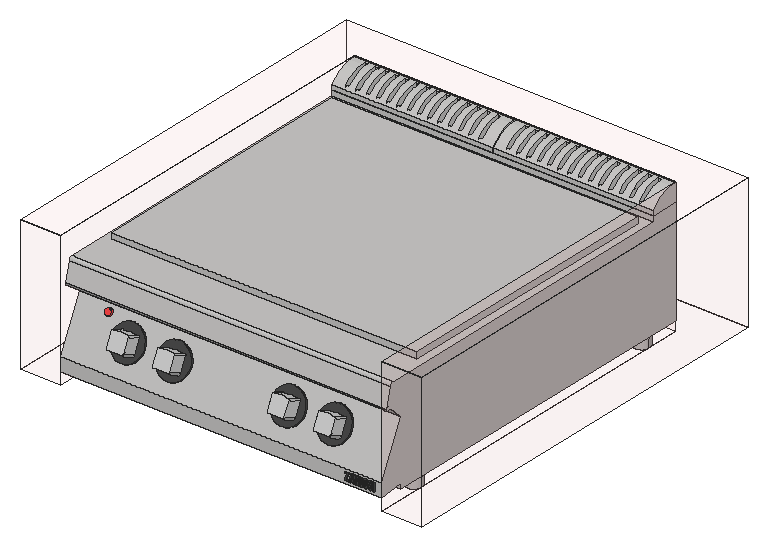
Revit family "QF_ZANUSSI_392047_Z9HOEH4000", category Attrezzature speciali, Revit 2020
Family settings
  Quota connettore circolare = Usa diametro
  Tipo di parte = Normale
  Basato su piano di lavoro = No
  Sempre verticale = Sì
  Taglio con vuoti quando caricato = No
  Condiviso = No
  Punto di calcolo locali = No
Parameters (values of type "Standard")
  Weight = 105.00 kg
  Watts = 14000 W
  Volts = 380 V
  URL Manufacturer = "http://www.zanussiprofessional.com"
  URL = "http://www.zanussiprofessional.com"
  Steam Supply Size = 0 mm
  Steam Supply Minimum Pressure = 0.0 Pa
  Steam Supply Maximum Pressure = 0.0 Pa
  Steam Consumption per Hour = 0
  Show Logo [instance] = yes
  Show Clearance [instance] = yes
  Refrigeration Suction Line Size = 0 mm
  Refrigeration Liquid Line Size = 0 mm
  Refrigerant Compressor Remote = yes
  Prospetto di default = 0 mm
  Produttore = "Zanussi"
  Phase = 3
  Modello = "Z9HOEH4000"
  Length Actual = 800 mm  # constant formula
  Item Number = "392047"
  Hot Water Size = 0 mm
  Height Actual = 250 mm  # constant formula
  HP = "18.8 HP"
  Gas Size = 0 mm
  Gas KW = 0
  Gas Input Pressure = 0 W
  Direct Waste Size = 0 mm
  Descrizione = "ELECTRIC HOB COOKING TOP 800MM"
  Depth Actual = 900 mm  # constant formula
  Cycle = 50 Hz
  Condensate Return Size = 0 mm
  Compressed Air Volume = 0.0 L/s
  Compressed Air Size = 0 mm
  Compressed Air Pressure = 0.0 Pa
  Cold Water Size = 0 mm
  Accessory = yes
Reference planes
  plane 1 "Back": y = 0
  plane 2: z = 0
  plane 3 "Left": x = 0
  plane 4: x = 800
  plane 5: z = 275
  plane 6: x = 900
  plane 7: x = -100
  plane 8: y = 100
  plane 9: x = 400
  plane 10: y = -915
  plane 11: y = -82
  plane 12: y = -790
Forms (mm)
  Extrusion 1, solid, material "QF_Finishes_Clearance", visible <- "Show Clearance"
    sketch origin (0, 0, 0) x (1, 0, 0) y (0, 1, 0)
      loop
        line (-100, -915) -> (0, -915) -> (0, 0) -> (800, 0) -> (800, -915) -> (900, -915) -> (900, 100) -> (-100, 100) -> (-100, -915)
    from 0 to 335
  Extrusion 2, solid, material "QF_Finishes_Stainless Steel"
    sketch origin (1049.332, -562.286, 22) x (1, 0, 0) y (0, 1, 0)
      loop
        line (-302.282, -132.714) -> (-302.282, -152.714) -> (-282.282, -152.714) -> (-282.282, -132.714) -> (-302.282, -132.714)
    from 0 to 2
  Extrusion 3, solid, material "QF_Finishes_Stainless Steel"
    sketch origin (1049.282, 22.714, 22) x (1, 0, 0) y (0, 1, 0)
      loop
        line (-302.282, -132.714) -> (-302.282, -152.714) -> (-282.282, -152.714) -> (-282.282, -132.714) -> (-302.282, -132.714)
    from 0 to 2
  Extrusion 4, solid, material "QF_Finishes_Stainless Steel"
    sketch origin (0, 0, 1) x (0, 1, 0) y (0, 0, 1)
      loop
        line (0, 23) -> (0, 289) -> (-69.85, 289) -> (-69.85, 274) -> (-879.358, 274)
        arc (-879.358, 274) -> (-884.643, 271.811) -> (-886.833, 266.526) r 7.474
        line (-886.833, 266.526) -> (-899.884, 221.011)
        arc (-899.884, 221.011) -> (-899.396, 218.379) -> (-897, 217.184) r 3
        line (-897, 217.184) -> (-886.802, 217.184) -> (-854.982, 185.364) -> (-915, 64.508) -> (-915, 29.508) -> (-858.645, 37.428)
        arc (-858.645, 37.428) -> (-856.101, 36.674) -> (-855, 34.259) r 3.2
        line (-855, 34.259) -> (-855, 23) -> (0, 23)
    from 0 to 800
  Extrusion 5, solid, material "QF_Finishes_Stainless Steel"
    sketch origin (0, 0, 1) x (0, 1, 0) y (0, 0, 1)
      loop
        line (-94.954, 274) -> (-94.954, 289) -> (-779.954, 289) -> (-779.954, 274) -> (-94.954, 274)
    from 20 to 780
Dimensions and locks
  plane 3 "Left" to plane 4 = 800 mm
  plane 5 to level = 275 mm
  plane 1 "Back" to plane 8 = 100 mm
  plane 4 to plane 6 = 100 mm
  plane 7 to plane 3 "Left" = 100 mm
  Extrusion 1 to Extrusion 1 = 800 mm
  equal spacing: plane 3 "Left", plane 9, plane 4
  Extrusion 1 to Extrusion 4 sketch curve = 915 mm
  plane 10 to plane 1 "Back" = 915 mm
  plane 1 "Back" to plane 11 to plane 12 to plane 10 = 82 mm, 708 mm, 125 mm
  aligned and locked: level to plane 2
Automatic sketch dimensions
  Extrusion 1 sketch curve to plane 7 = 0 mm
  Extrusion 1 sketch curve to plane 3 "Left" = 0 mm
  plane 1 "Back" to Extrusion 1 sketch curve = 0 mm
  Extrusion 1 sketch curve to plane 4 = 0 mm
  Extrusion 1 sketch curve to plane 6 = 0 mm
  Extrusion 1 sketch curve to plane 8 = 0 mm
  plane 4 to Extrusion 3 sketch curve = 33 mm
  Extrusion 3 sketch curve to Extrusion 3 sketch curve = 20 mm  (x2)
  plane 5 to Extrusion 4 sketch curve = 0 mm
  Extrusion 4 sketch curve to plane 1 "Back" = 0 mm
  Extrusion 4 sketch curve to Extrusion 4 sketch curve = 2.884 mm
  Extrusion 4 sketch curve to Extrusion 4 sketch curve = 0.445 mm
  Extrusion 4 sketch curve to Extrusion 4 sketch curve = 3.2 mm
  plane 1 "Back" to Extrusion 4 sketch curve = 69.85 mm
  Extrusion 4 sketch curve to Extrusion 4 sketch curve = 45.515 mm
  Extrusion 4 sketch curve to Extrusion 4 sketch curve = 0.827 mm
  Extrusion 4 sketch curve to Extrusion 4 sketch curve = 31.82 mm  (x2)
  level to Extrusion 4 sketch curve = 65.508 mm
  level to Extrusion 4 sketch curve = 38.428 mm
  level to Extrusion 4 sketch curve = 30.508 mm
  Extrusion 4 sketch curve to Extrusion 4 sketch curve = 11.259 mm
  Extrusion 4 sketch curve to plane 5 = 15 mm
  plane 4 to Extrusion 2 sketch curve = 52.95 mm
  Extrusion 2 sketch curve to Extrusion 2 sketch curve = 20 mm  (x2)
  plane 5 to Extrusion 4 sketch curve = 7.474 mm
  Extrusion 4 sketch curve to Extrusion 4 sketch curve = 13.051 mm
  Extrusion 4 sketch curve to Extrusion 4 sketch curve = 10.198 mm
  Extrusion 4 sketch curve to Extrusion 4 sketch curve = 56.355 mm
  plane 1 "Back" to Extrusion 3 sketch curve = 130 mm
  plane 1 "Back" to Extrusion 1 sketch curve = 915 mm  (x2)
  plane 1 "Back" to Extrusion 2 sketch curve = 715 mm
  Extrusion 4 sketch curve to Extrusion 4 sketch curve = 15.116 mm
  Extrusion 5 sketch curve to plane 5 = 0 mm
  plane 12 to Extrusion 5 sketch curve = 10.046 mm
  Extrusion 5 sketch curve to plane 11 = 12.954 mm
  Extrusion 5 sketch curve to plane 5 = 15 mm
Nested families
  nested 1: "ZANUSSI_Logo" at (749.92, -915, 98) x (1, 0, 0) z (0, -1, 0), Show Logo <- "Show Logo", visible <- "Show Logo", type "ZANUSSI_Logo"
    with Show Logo yes
  nested 2: "Piedino 24x19 mm" at (20, -82, 0), type "Piedino 24x19 mm"
  nested 3: "Piedino 24x19 mm" at (20, -790, 0), type "Piedino 24x19 mm"
  nested 4: "Uscita_Fumi" at (200, -34.925, 290), type "Uscita_Fumi"
  nested 5: "CONTROLLER_XP-ZAN" at (193.54, -882.317, 131.321) x (1, 0, 0) z (0, -0.8956, 0.4448), type "CONTROLLER_XP-ZAN"
  nested 6: "CONTROLLER_XP-ZAN" at (206.46, -882.317, 131.321) x (-1, 0, 0) z (0, -0.8956, 0.4448), type "CONTROLLER_XP-ZAN"
  nested 7: "Uscita_Fumi" at (600.1, -34.925, 290) x (-1, 0, 0) z (0, 0, 1), type "Uscita_Fumi"
  nested 8: "Piedino 24x19 mm" at (780, -82, 0) x (-1, 0, 0) z (0, 0, 1), type "Piedino 24x19 mm"
  nested 9: "Piedino 24x19 mm" at (780, -790, 0) x (-1, 0, 0) z (0, 0, 1), type "Piedino 24x19 mm"
  nested 10: "CONTROLLER_XP-ZAN" at (606.46, -882.317, 131.321) x (-1, 0, 0) z (0, -0.8956, 0.4448), type "CONTROLLER_XP-ZAN"
  nested 11: "CONTROLLER_XP-ZAN" at (593.54, -882.317, 131.321) x (1, 0, 0) z (0, -0.8956, 0.4448), type "CONTROLLER_XP-ZAN"
  nested 12: "SPIA_RED" at (80, -863.153, 169.91) x (1, 0, 0) z (0, -0.8956, 0.4448), type "SPIA_RED"
Connectors
  electrical at (757.05, -705, 22), driven by "Volts"
    settings: on Extrusion 2, index 11, voltage 380 V, apparent load 0 VA, apparent load phase1 0 VA, apparent load phase2 0 VA, apparent load phase3 0 VA, power factor 1, load classification "Altro", number of poles 1, system type 30, power factor state 1, is connector primary yes, connector utility no, sub classification motor no, connector description "Electrical Connection"
  electrical at (757, -120, 22), driven by "Volts"
    settings: on Extrusion 3, index 13, voltage 380 V, apparent load 0 VA, apparent load phase1 0 VA, apparent load phase2 0 VA, apparent load phase3 0 VA, power factor 1, load classification "Altro", number of poles 1, system type 30, power factor state 1, is connector primary no, connector utility no, sub classification motor no, connector description "Electrical Connection"
Definition of nested family "ZANUSSI_Logo"
  Parameters (values of type "ZANUSSI_Logo")
    Show Logo [instance] = yes
    Default Elevation = 1219.2 mm
  Reference planes
    plane 1 "Center (Front/Back)": y = -49
    plane 2: z = 0
    plane 3 "Center (Left/Right)": x = -9.92
  Forms (mm)
    Extrusion 1, solid
      sketch origin (0, 0, 0) x (1, 0, 0) y (0, 1, 0)
        loop
          line (-1219.2, 1219.2) -> (-1219.2, -1219.2) -> (1219.2, -1219.2) -> (1219.2, 1219.2) -> (-1219.2, 1219.2)
      from 0 to -304.8
    Extrusion 2, solid, visible <- "Show Logo"
      sketch origin (106.353, -215.165, -50) x (1, 0, 0) y (0, 1, 0)
        loop
          line (-137.419, 156.48) -> (-137.419, 160.444) -> (-143.365, 160.444) -> (-137.419, 172.566) -> (-137.419, 175.851) -> (-147.274, 175.851) -> (-147.274, 172.226) -> (-142.063, 172.339) -> (-147.728, 160.444) -> (-147.728, 156.48) -> (-137.419, 156.48)
        loop
          line (-131.729, 163.73) -> (-129.463, 163.73) -> (-130.596, 172.54) -> (-131.729, 163.73)
        loop
          line (-132.748, 156.48) -> (-132.182, 160.218) -> (-128.897, 160.218) -> (-128.33, 156.48) -> (-124.252, 156.48) -> (-127.877, 175.851) -> (-133.315, 175.851) -> (-136.826, 156.48) -> (-132.748, 156.48)
        loop
          line (-123.75, 175.851) -> (-123.75, 156.48) -> (-120.238, 156.48) -> (-120.238, 169.281) -> (-116.953, 156.48) -> (-112.648, 156.48) -> (-112.648, 175.851) -> (-116.273, 175.851) -> (-116.273, 163.503) -> (-119.558, 175.851) -> (-123.75, 175.851)
        loop
          arc (-111.742, 161.27) -> (-106.896, 156.448) -> (-101.433, 160.558) r 5.22
          line (-101.433, 160.558) -> (-101.433, 175.851) -> (-105.398, 175.851) -> (-105.398, 161.464)
          arc (-105.398, 161.464) -> (-106.44, 160.263) -> (-107.777, 161.124) r 1.214
          line (-107.777, 161.124) -> (-107.777, 175.851) -> (-111.742, 175.851) -> (-111.742, 161.27)
        loop
          line (-94.069, 169.734) -> (-90.331, 169.734) -> (-90.269, 171.495)
          arc (-90.269, 171.495) -> (-90.53, 173.458) -> (-91.761, 175.009) r 3.719
          arc (-91.761, 175.009) -> (-95.38, 176.189) -> (-98.998, 175.009) r 6.139
          arc (-98.998, 175.009) -> (-100.474, 172.145) -> (-100.291, 168.927) r 6.125
          arc (-100.291, 168.927) -> (-99.079, 167.149) -> (-97.591, 165.594) r 13.068
          line (-97.591, 165.594) -> (-95.921, 164.113)
          arc (-95.921, 164.113) -> (-94.934, 163.275) -> (-94.167, 162.233) r 5.571
          arc (-94.167, 162.233) -> (-94.357, 160.41) -> (-96.143, 160.003) r 1.573
          arc (-96.143, 160.003) -> (-96.681, 160.547) -> (-96.911, 161.277) r 1.631
          arc (-96.911, 161.277) -> (-96.929, 161.791) -> (-96.911, 162.305) r 7.441
          arc (-96.911, 162.305) -> (-96.895, 162.791) -> (-96.911, 163.277) r 7.03
          line (-96.911, 163.277) -> (-100.866, 163.277)
          arc (-100.866, 163.277) -> (-100.828, 160.504) -> (-99.735, 157.955) r 7.131
          arc (-99.735, 157.955) -> (-94.571, 156.484) -> (-90.221, 159.633) r 6.148
          arc (-90.221, 159.633) -> (-90.141, 162.884) -> (-91.536, 165.823) r 7.021
          line (-91.536, 165.823) -> (-95.882, 169.734)
          arc (-95.882, 169.734) -> (-96.47, 170.472) -> (-96.785, 171.362) r 2.858
          arc (-96.785, 171.362) -> (-95.666, 172.959) -> (-94.069, 171.84) r 1.379
          line (-94.069, 171.84) -> (-94.069, 169.734)
        loop
          line (-82.771, 169.734) -> (-79.033, 169.734) -> (-78.971, 171.495)
          arc (-78.971, 171.495) -> (-79.232, 173.458) -> (-80.463, 175.009) r 3.719
          arc (-80.463, 175.009) -> (-84.081, 176.189) -> (-87.7, 175.009) r 6.139
          arc (-87.7, 175.009) -> (-89.175, 172.145) -> (-88.993, 168.927) r 6.125
          arc (-88.993, 168.927) -> (-87.781, 167.149) -> (-86.293, 165.594) r 13.068
          line (-86.293, 165.594) -> (-84.623, 164.113)
          arc (-84.623, 164.113) -> (-83.636, 163.275) -> (-82.869, 162.233) r 5.571
          arc (-82.869, 162.233) -> (-83.059, 160.41) -> (-84.845, 160.003) r 1.573
          arc (-84.845, 160.003) -> (-85.383, 160.547) -> (-85.613, 161.277) r 1.631
          arc (-85.613, 161.277) -> (-85.631, 161.791) -> (-85.613, 162.305) r 7.441
          arc (-85.613, 162.305) -> (-85.596, 162.791) -> (-85.613, 163.277) r 7.03
          line (-85.613, 163.277) -> (-89.568, 163.277)
          arc (-89.568, 163.277) -> (-89.53, 160.504) -> (-88.437, 157.955) r 7.131
          arc (-88.437, 157.955) -> (-83.272, 156.484) -> (-78.922, 159.633) r 6.148
          arc (-78.922, 159.633) -> (-78.843, 162.884) -> (-80.238, 165.823) r 7.021
          line (-80.238, 165.823) -> (-84.584, 169.734)
          arc (-84.584, 169.734) -> (-85.171, 170.472) -> (-85.486, 171.362) r 2.858
          arc (-85.486, 171.362) -> (-84.368, 172.959) -> (-82.771, 171.84) r 1.379
          line (-82.771, 171.84) -> (-82.771, 169.734)
        loop
          line (-78.21, 175.851) -> (-78.21, 156.48) -> (-74.245, 156.48) -> (-74.245, 175.851) -> (-78.21, 175.851)
      from 50 to 51.6
  Dimensions and locks
    aligned and locked: plane 2 to Extrusion 1
    aligned and locked: level to Extrusion 1
Definition of nested family "Piedino 24x19 mm"
  Parameters (values of type "Piedino 24x19 mm")
    Default Elevation = 0 mm
    P = 930 mm
    L = 400 mm
    H = 290 mm
  Reference planes
    plane 1: y = 0
    plane 2: z = 0
    plane 3: x = 0
    plane 4: z = 290
    plane 5: z = 24
    plane 6: z = 55
  Forms (mm)
    Extrusion 1, solid
      sketch origin (-373.847, 979.72, 0) x (1, 0, 0) y (0, 1, 0)
        loop
          circle (373.847, -979.72) r 19
      from 0 to 24
  Dimensions and locks
    "H": plane 4 to level
    plane 4 to plane 5 to level = 266 mm, 24 mm
    level to plane 6 = 55 mm
    aligned and locked: level to plane 2
  Automatic sketch dimensions
    plane 3 to Extrusion 1 sketch curve = 0 mm
    plane 1 to Extrusion 1 sketch curve = 0 mm
    radius of Extrusion 1 sketch curve = 19 mm
Definition of nested family "Uscita_Fumi"
  Parameters (values of type "Uscita_Fumi")
    Default Elevation = 1219.2 mm
  Reference planes
    plane 1 "Centro (Fronte/Retro)": y = 0
    plane 2: z = 0
    plane 3 "Centro (Sinistra/Destra)": x = 0
  Forms (mm)
    Extrusion 1, solid
      sketch origin (0, 0, 0) x (1, 0, 0) y (0, 1, 0)
        loop
          line (-1219.2, 1219.2) -> (-1219.2, -1219.2) -> (1219.2, -1219.2) -> (1219.2, 1219.2) -> (-1219.2, 1219.2)
      from 0 to -304.8
    Extrusion 2, solid
      sketch origin (-200, 34.925, -289.638) x (0, 1, 0) y (0, 0, 1)
        loop
          line (0, 289.638) -> (0, 331.738)
          arc (0, 331.738) -> (-38.857, 324.552) -> (-69.85, 300.038) r 82.056
          line (-69.85, 300.038) -> (-69.85, 289.638) -> (0, 289.638)
      from 0 to 400
    Extrusion 3, void
      sketch origin (-200, 34.925, -15) x (0, -1, 0) y (1, 0, 0)
        loop
          line (6.761, 29.703) -> (63.911, 29.703) -> (63.911, 38.999) -> (6.761, 38.999) -> (6.761, 29.703)
        loop
          line (63.911, 64.487) -> (6.761, 64.487) -> (6.761, 55.191) -> (63.911, 55.191) -> (63.911, 64.487)
        loop
          line (63.911, 89.975) -> (6.761, 89.975) -> (6.761, 80.68) -> (63.911, 80.68) -> (63.911, 89.975)
        loop
          line (63.911, 115.464) -> (6.761, 115.464) -> (6.761, 106.168) -> (63.911, 106.168) -> (63.911, 115.464)
        loop
          line (63.911, 140.952) -> (6.761, 140.952) -> (6.761, 131.656) -> (63.911, 131.656) -> (63.911, 140.952)
        loop
          line (63.911, 166.44) -> (6.761, 166.44) -> (6.761, 157.145) -> (63.911, 157.145) -> (63.911, 166.44)
        loop
          line (63.911, 191.929) -> (6.761, 191.929) -> (6.761, 182.633) -> (63.911, 182.633) -> (63.911, 191.929)
        loop
          line (63.911, 217.417) -> (6.761, 217.417) -> (6.761, 208.121) -> (63.911, 208.121) -> (63.911, 217.417)
        loop
          line (63.911, 242.905) -> (6.761, 242.905) -> (6.761, 233.61) -> (63.911, 233.61) -> (63.911, 242.905)
        loop
          line (63.911, 268.394) -> (6.761, 268.394) -> (6.761, 259.098) -> (63.911, 259.098) -> (63.911, 268.394)
        loop
          line (63.911, 293.882) -> (6.761, 293.882) -> (6.761, 284.586) -> (63.911, 284.586) -> (63.911, 293.882)
        loop
          line (63.911, 319.37) -> (6.761, 319.37) -> (6.761, 310.075) -> (63.911, 310.075) -> (63.911, 319.37)
        loop
          line (63.911, 344.859) -> (6.761, 344.859) -> (6.761, 335.563) -> (63.911, 335.563) -> (63.911, 344.859)
        loop
          line (63.911, 370.347) -> (6.761, 370.347) -> (6.761, 361.051) -> (63.911, 361.051) -> (63.911, 370.347)
      from 25.4 to 63.5
  Cuts and joins
    Extrusion 3 cuts Extrusion 2
  Dimensions and locks
    aligned and locked: plane 2 to Extrusion 1
    aligned and locked: level to Extrusion 1
Definition of nested family "CONTROLLER_XP-ZAN"
  Parameters (values of type "CONTROLLER_XP-ZAN")
    Default Elevation = 0 mm
  Reference planes
    plane 1 "Centro (Fronte/Retro)": y = 0
    plane 2: z = 0
    plane 3 "Centro (Sinistra/Destra)": x = 0
    plane 4: x = -51.067
    plane 5: x = 51.067
    plane 6: x = 93.481
    plane 7: x = -93.481
  Forms (mm)
    Extrusion 1, solid
      sketch origin (0, 0, 0) x (1, 0, 0) y (0, 1, 0)
        loop
          line (-1219.2, 1219.2) -> (-1219.2, -1219.2) -> (1219.2, -1219.2) -> (1219.2, 1219.2) -> (-1219.2, 1219.2)
      from 0 to -304.8
    Extrusion 2, solid
      sketch origin (-46.381, -48.923, 0) x (1, 0, 0) y (0, 1, 0)
        loop
          circle (-4.687, 48.923) r 42.414
      from 0 to 3.175
    Blend 3, solid
      base sketch origin (-46.381, -48.923, 3.175) x (1, 0, 0) y (0, 1, 0)
        loop
          line (-23.687, 25.923) -> (14.313, 25.923)
          arc (14.313, 25.923) -> (17.142, 27.095) -> (18.313, 29.923) r 4
          line (18.313, 29.923) -> (18.313, 66.519)
          arc (18.313, 66.519) -> (17.342, 69.132) -> (14.901, 70.476) r 4
          arc (14.901, 70.476) -> (-4.687, 71.923) -> (-24.275, 70.476) r 133.25
          arc (-24.275, 70.476) -> (-26.716, 69.132) -> (-27.687, 66.519) r 4
          line (-27.687, 66.519) -> (-27.687, 29.923)
          arc (-27.687, 29.923) -> (-26.515, 27.095) -> (-23.687, 25.923) r 4
      top sketch origin (-46.381, -48.923, 3.175) x (1, 0, 0) y (0, 1, 0)
        loop
          line (-25.687, 66.519) -> (-25.687, 29.923)
          arc (-25.687, 29.923) -> (-25.101, 28.509) -> (-23.687, 27.923) r 2
          line (-23.687, 27.923) -> (14.313, 27.923)
          arc (14.313, 27.923) -> (15.727, 28.509) -> (16.313, 29.923) r 2
          line (16.313, 29.923) -> (16.313, 66.519)
          arc (16.313, 66.519) -> (15.828, 67.825) -> (14.607, 68.498) r 2
          arc (14.607, 68.498) -> (-4.687, 69.923) -> (-23.981, 68.498) r 131.25
          arc (-23.981, 68.498) -> (-25.201, 67.825) -> (-25.687, 66.519) r 2
      from 0 to 33
  Lines and regions (mm)
    Split face 1
      outline origin (-46.381, -48.923, 36.175) x (1, 0, 0) y (0, 1, 0)
        loop
          line (-6.687, 69.908) -> (-6.687, 62.923) -> (-2.687, 62.923) -> (-2.687, 69.908)
  Dimensions and locks
    aligned and locked: plane 2 to Extrusion 1
    aligned and locked: level to Extrusion 1
Definition of nested family "SPIA_RED"
  Parameters
    Default Elevation = 1219.2 mm
  Reference planes
    plane 1 "Centro (Fronte/Retro)": y = 0
    plane 2: z = 0
    plane 3 "Centro (Sinistra/Destra)": x = 0
  Forms (mm)
    Extrusion 1, solid
      sketch origin (0, 0, 0) x (1, 0, 0) y (0, 1, 0)
        loop
          line (-1219.2, 1219.2) -> (-1219.2, -1219.2) -> (1219.2, -1219.2) -> (1219.2, 1219.2) -> (-1219.2, 1219.2)
      from 0 to -304.8
    Extrusion 2, solid
      sketch origin (-367.513, 69.533, 3.175) x (-1, 0, 0) y (0, 1, 0)
        loop
          circle (-367.513, -69.533) r 8
      from 0 to 3.175
  Dimensions and locks
    aligned and locked: plane 2 to Extrusion 1
    aligned and locked: level to Extrusion 1
